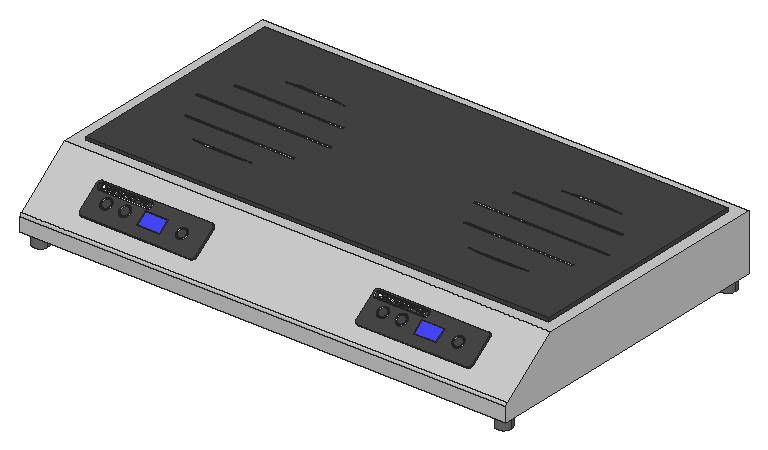
Revit family "QF_ADVENTYS_GL2_6000_S_250902075338", category Specialty Equipment, Revit 2021
Family settings
  Round Connector Dimension = Use Diameter
  Part Type = Normal
  OmniClass Number = 23.40.40.14
  OmniClass Title = Food Service Equipment
  Work Plane-Based = No
  Always vertical = Yes
  Cut with Voids When Loaded = No
  Shared = No
  Room Calculation Point = No
Parameters (values of type "ADV1551")
  Weight in Pounds [instance] = 0
  Weight = 10.00 kg
  Warranty Start Date [instance] = ""
  Warranty Duration [instance] = ""
  Volts [instance] = 240 V
  URL Recommended Spares List = ""
  URL Manufacturer = ""
  URL Cutsheet = ""
  URL Critical Spares List = ""
  URL = "www.adventys.com"
  Tag Number [instance] = ""
  Status [instance] = ""
  Specification by User [instance] = ""
  Specification by Manufacturer [instance] = ""
  Sound Level [instance] = ""
  Solid Fuel Type [instance] = ""
  Service Life Duration [instance] = ""
  Serial Number [instance] = ""
  Seismic Rating [instance] = ""
  SMACNA No [instance] = ""
  Revision Code [instance] = ""
  Revision [instance] = ""
  Production Year [instance] = ""
  Point Load [instance] = 0
  Phase [instance] = 1
  Other Equipment Approvals [instance] = ""
  Number of Poles [instance] = 2
  NAFEM Spec ID Number [instance] = ""
  Model Warning [instance] = ""
  Model = "GL2 6000 S"
  Min Ckt Ampacity [instance] = 0 A
  Max Overcurrent Protection [instance] = 32 A
  Masterspec [instance] = ""
  Manufacturer = "ADVENTYS"
  Length Actual = 650 mm
  Item Number [instance] = ""
  Installed By [instance] = ""
  Installation Date [instance] = ""
  Identify Quantity as Lot [instance] = no
  ID [instance] = ""
  Hygiene Approval [instance] = ""
  Hot Water Consumption = 0.0 L/s
  Height Actual = 96 mm
  HP power [instance] = ""
  Furnished By [instance] = ""
  Foodservice Equipment Identifier [instance] = no
  FL Amps [instance] = 25 A
  Electrical Remarks [instance] = "Plug not included"
  Electric power [instance] = 0 W
  Electric Connection Type [instance] = "Cord&Plug"
  Elec Conn RI Height [instance] = 0 mm
  Elec Conn Connection Height [instance] = 0 mm
  ETL Approved [instance] = no
  Description = "COUNTER-TOP 2 ZONES INDUCTION SIDE BY SIDE"
  Depth Actual = 405 mm
  Default Elevation = 0 mm
  Cycle [instance] = 60 Hz
  Cost = 0
  Conn Plug [instance] = ""
  Conn Conduit [instance] = no
  CSI MasterFormat [instance] = ""
  CE Approved [instance] = no
  Barcode [instance] = 0
  Author [instance] = ""
  Asset Identifier [instance] = ""
  Apparent Power [instance] = 6000 VA
  Accessory = no
Reference planes
  plane 1 "Center (Front/Back)": y = 0
  plane 2: z = 0
  plane 3 "Center (Left/Right)": x = 0
Forms (mm)
  Extrusion 1, solid, not visible
    sketch origin (325.016, -15.001, 16.001) x (1, 0, 0) y (0, 1, 0)
      loop
        line (-2, 2) -> (-2, -2) -> (2, -2) -> (2, 2) -> (-2, 2)
    from -2 to 2
Dimensions and locks
  locked: nested 2 to Extrusion 1 at 2  (x2)
  aligned and locked: level to plane 2
Nested families
  nested 1: "QF_ADVENTYS_ADV1619_2916" at (0, 0, 0), type "ADV1551"
    with Status "", Show Logo yes, Show Clearance yes
  nested 2: "CONN_POINT_ELE_2D___Generic_Annotation" at (325.016, -15.001, 14.001), type "CONN_POINT_ELE_2D___Generic_Annotation"
    with Onboard connection annotation symbol visibility yes
Connectors
  electrical at (325.016, -15.001, 14.001), driven by "Apparent Power", driven by "Number of Poles", driven by "Volts"
    settings: on Extrusion 1, index 1, voltage 240 V, apparent load 0 VA, apparent load phase1 6000 VA, apparent load phase2 0 VA, apparent load phase3 0 VA, power factor 1, load classification "Other", number of poles 2, system type 31, power factor state 1, is connector primary yes, connector utility no, sub classification motor no, connector description "Electrical connection for GL2 6000 S"
Definition of nested family "QF_ADVENTYS_ADV1619_2916"
  Parameters (values of type "ADV1551")
    URL = "www.adventys.com"
    Status [instance] = ""
    Show Logo [instance] = yes
    Show Clearance [instance] = yes
    Model = "GL2 6000 S"
    Manufacturer = "ADVENTYS"
    Description = "COUNTER-TOP 2 ZONES INDUCTION SIDE BY SIDE"
    Default Elevation = 0 mm
    Author = "SPECIFI"
    Assembly Code = "E1090320"
  Types (3, lengths in mm): name | Model | Description
    ADV1619 | "GL2 5000 S" | "COUNTERTOP INDUCTION 2 ZONES - SIDE BY SIDE"
    ADV1551 | "GL2 6000 S" | "COUNTER-TOP 2 ZONES INDUCTION SIDE BY SIDE"
    ADV1754 | "GL2 7000 S" | "COUNTER-TOP 2 ZONES INDUCTION SIDE BY SIDE"
  Reference planes
    plane 1 "Back": y = 0
    plane 2: z = 0
    plane 3 "Left": x = 0
    plane 4 "Right": x = 650
    plane 5 "Front": y = -405
    plane 6 "Top": z = 96
  Forms (mm)
    Extrusion 1, solid
      sketch origin (0, 0, -4.3) x (1, 0, 0) y (0, 1, 0)
        loop
          line (0, 0) -> (0, -330) -> (650, -330) -> (650, 0) -> (0, 0)
        loop
          line (15, -15) -> (15, -315) -> (635, -315) -> (635, -15) -> (15, -15)
      from 20 to 96
    Extrusion 2, solid
      sketch origin (0, -20, -4.3) x (0, 1, 0) y (0, 0, 1)
        loop
          line (-310, 20) -> (-310, 96) -> (-382.957, 42.498)
          arc (-382.957, 42.498) -> (-384.46, 40.726) -> (-385, 38.466) r 5
          line (-385, 38.466) -> (-385, 20) -> (-310, 20)
      from 0 to 650
    Extrusion 3, solid
      sketch origin (0, 0, -86.026) x (1, 0, 0) y (0, 1, 0)
        loop
          line (15, -15) -> (15, -315) -> (635, -315) -> (635, -15) -> (15, -15)
      from 101.726 to 110
    Extrusion 4, solid
      sketch origin (0, 0, 0) x (1, 0, 0) y (0, 1, 0)
        loop
          circle (15, -15) r 10
        loop
          circle (635, -15) r 10
        loop
          circle (635, -390) r 10
        loop
          circle (15, -390) r 10
      from 0 to 15.7
    Extrusion 5, solid
      sketch origin (-4.081, 0, -11.8) x (0, 1, 0) y (0, 0, 1)
        loop
          line (0, 97.125) -> (0, 91.484) -> (5.641, 91.484)
          arc (5.641, 91.484) -> (3.989, 95.473) -> (0, 97.125) r 5.641
        loop
          line (0, 79.125) -> (0, 73.484) -> (5.641, 73.484)
          arc (5.641, 73.484) -> (3.989, 77.473) -> (0, 79.125) r 5.641
        loop
          line (0, 61.125) -> (0, 55.484) -> (5.641, 55.484)
          arc (5.641, 55.484) -> (3.989, 59.473) -> (0, 61.125) r 5.641
        loop
          line (0, 43.125) -> (0, 37.484) -> (5.641, 37.484)
          arc (5.641, 37.484) -> (3.989, 41.473) -> (0, 43.125) r 5.641
      from 140.518 to 177.644
    Extrusion 6, solid
      sketch origin (53.045, 0, -11.8) x (0, 1, 0) y (0, 0, 1)
        loop
          line (0, 97.125) -> (0, 91.484) -> (5.641, 91.484)
          arc (5.641, 91.484) -> (3.989, 95.473) -> (0, 97.125) r 5.641
        loop
          line (0, 79.125) -> (0, 73.484) -> (5.641, 73.484)
          arc (5.641, 73.484) -> (3.989, 77.473) -> (0, 79.125) r 5.641
        loop
          line (0, 61.125) -> (0, 55.484) -> (5.641, 55.484)
          arc (5.641, 55.484) -> (3.989, 59.473) -> (0, 61.125) r 5.641
        loop
          line (0, 43.125) -> (0, 37.484) -> (5.641, 37.484)
          arc (5.641, 37.484) -> (3.989, 41.473) -> (0, 43.125) r 5.641
      from 140.518 to 177.644
    Extrusion 7, solid
      sketch origin (110.172, 0, -11.8) x (0, 1, 0) y (0, 0, 1)
        loop
          line (0, 97.125) -> (0, 91.484) -> (5.641, 91.484)
          arc (5.641, 91.484) -> (3.989, 95.473) -> (0, 97.125) r 5.641
        loop
          line (0, 79.125) -> (0, 73.484) -> (5.641, 73.484)
          arc (5.641, 73.484) -> (3.989, 77.473) -> (0, 79.125) r 5.641
        loop
          line (0, 61.125) -> (0, 55.484) -> (5.641, 55.484)
          arc (5.641, 55.484) -> (3.989, 59.473) -> (0, 61.125) r 5.641
        loop
          line (0, 43.125) -> (0, 37.484) -> (5.641, 37.484)
          arc (5.641, 37.484) -> (3.989, 41.473) -> (0, 43.125) r 5.641
      from 140.518 to 177.644
    Extrusion 8, solid
      sketch origin (256.955, 0, -11.8) x (0, 1, 0) y (0, 0, -1)
        loop
          arc (0, -97.125) -> (3.989, -95.473) -> (5.641, -91.484) r 5.641
          line (5.641, -91.484) -> (0, -91.484) -> (0, -97.125)
        loop
          arc (0, -79.125) -> (3.989, -77.473) -> (5.641, -73.484) r 5.641
          line (5.641, -73.484) -> (0, -73.484) -> (0, -79.125)
        loop
          arc (0, -61.125) -> (3.989, -59.473) -> (5.641, -55.484) r 5.641
          line (5.641, -55.484) -> (0, -55.484) -> (0, -61.125)
        loop
          arc (0, -43.125) -> (3.989, -41.473) -> (5.641, -37.484) r 5.641
          line (5.641, -37.484) -> (0, -37.484) -> (0, -43.125)
      from 140.518 to 177.644
    Extrusion 9, solid
      sketch origin (199.828, 0, -11.8) x (0, 1, 0) y (0, 0, -1)
        loop
          arc (0, -97.125) -> (3.989, -95.473) -> (5.641, -91.484) r 5.641
          line (5.641, -91.484) -> (0, -91.484) -> (0, -97.125)
        loop
          arc (0, -79.125) -> (3.989, -77.473) -> (5.641, -73.484) r 5.641
          line (5.641, -73.484) -> (0, -73.484) -> (0, -79.125)
        loop
          arc (0, -61.125) -> (3.989, -59.473) -> (5.641, -55.484) r 5.641
          line (5.641, -55.484) -> (0, -55.484) -> (0, -61.125)
        loop
          arc (0, -43.125) -> (3.989, -41.473) -> (5.641, -37.484) r 5.641
          line (5.641, -37.484) -> (0, -37.484) -> (0, -43.125)
      from 140.518 to 177.644
    Extrusion 10, solid
      sketch origin (594.081, 0, -11.8) x (0, 1, 0) y (0, 0, -1)
        loop
          arc (0, -97.125) -> (3.989, -95.473) -> (5.641, -91.484) r 5.641
          line (5.641, -91.484) -> (0, -91.484) -> (0, -97.125)
        loop
          arc (0, -79.125) -> (3.989, -77.473) -> (5.641, -73.484) r 5.641
          line (5.641, -73.484) -> (0, -73.484) -> (0, -79.125)
        loop
          arc (0, -61.125) -> (3.989, -59.473) -> (5.641, -55.484) r 5.641
          line (5.641, -55.484) -> (0, -55.484) -> (0, -61.125)
        loop
          arc (0, -43.125) -> (3.989, -41.473) -> (5.641, -37.484) r 5.641
          line (5.641, -37.484) -> (0, -37.484) -> (0, -43.125)
      from 140.518 to 177.644
    Extrusion 11, solid
      sketch origin (536.955, 0, -11.8) x (0, 1, 0) y (0, 0, -1)
        loop
          arc (0, -97.125) -> (3.989, -95.473) -> (5.641, -91.484) r 5.641
          line (5.641, -91.484) -> (0, -91.484) -> (0, -97.125)
        loop
          arc (0, -79.125) -> (3.989, -77.473) -> (5.641, -73.484) r 5.641
          line (5.641, -73.484) -> (0, -73.484) -> (0, -79.125)
        loop
          arc (0, -61.125) -> (3.989, -59.473) -> (5.641, -55.484) r 5.641
          line (5.641, -55.484) -> (0, -55.484) -> (0, -61.125)
        loop
          arc (0, -43.125) -> (3.989, -41.473) -> (5.641, -37.484) r 5.641
          line (5.641, -37.484) -> (0, -37.484) -> (0, -43.125)
      from 140.518 to 177.644
    Extrusion 12, solid
      sketch origin (479.828, 0, -11.8) x (0, 1, 0) y (0, 0, -1)
        loop
          arc (0, -97.125) -> (3.989, -95.473) -> (5.641, -91.484) r 5.641
          line (5.641, -91.484) -> (0, -91.484) -> (0, -97.125)
        loop
          arc (0, -79.125) -> (3.989, -77.473) -> (5.641, -73.484) r 5.641
          line (5.641, -73.484) -> (0, -73.484) -> (0, -79.125)
        loop
          arc (0, -61.125) -> (3.989, -59.473) -> (5.641, -55.484) r 5.641
          line (5.641, -55.484) -> (0, -55.484) -> (0, -61.125)
        loop
          arc (0, -43.125) -> (3.989, -41.473) -> (5.641, -37.484) r 5.641
          line (5.641, -37.484) -> (0, -37.484) -> (0, -43.125)
      from 140.518 to 177.644
    Extrusion 13, solid
      sketch origin (333.045, 0, -11.8) x (0, 1, 0) y (0, 0, 1)
        loop
          line (0, 97.125) -> (0, 91.484) -> (5.641, 91.484)
          arc (5.641, 91.484) -> (3.989, 95.473) -> (0, 97.125) r 5.641
        loop
          line (0, 79.125) -> (0, 73.484) -> (5.641, 73.484)
          arc (5.641, 73.484) -> (3.989, 77.473) -> (0, 79.125) r 5.641
        loop
          line (0, 61.125) -> (0, 55.484) -> (5.641, 55.484)
          arc (5.641, 55.484) -> (3.989, 59.473) -> (0, 61.125) r 5.641
        loop
          line (0, 43.125) -> (0, 37.484) -> (5.641, 37.484)
          arc (5.641, 37.484) -> (3.989, 41.473) -> (0, 43.125) r 5.641
      from 140.518 to 177.644
    Extrusion 14, solid
      sketch origin (390.172, 0, -11.8) x (0, 1, 0) y (0, 0, 1)
        loop
          line (0, 97.125) -> (0, 91.484) -> (5.641, 91.484)
          arc (5.641, 91.484) -> (3.989, 95.473) -> (0, 97.125) r 5.641
        loop
          line (0, 79.125) -> (0, 73.484) -> (5.641, 73.484)
          arc (5.641, 73.484) -> (3.989, 77.473) -> (0, 79.125) r 5.641
        loop
          line (0, 61.125) -> (0, 55.484) -> (5.641, 55.484)
          arc (5.641, 55.484) -> (3.989, 59.473) -> (0, 61.125) r 5.641
        loop
          line (0, 43.125) -> (0, 37.484) -> (5.641, 37.484)
          arc (5.641, 37.484) -> (3.989, 41.473) -> (0, 43.125) r 5.641
      from 140.518 to 177.644
    Extrusion 15, solid
      sketch origin (30, 0, -4.3) x (1, 0, 0) y (0, 1, 0)
        loop
          circle (295, -15) r 10
      from 18.177 to 20
    Extrusion 16, solid
      sketch origin (1268.043, 74.825, -43.3) x (0, -1, 0) y (1, 0, 0)
        loop
          line (89.825, -1253.043) -> (389.825, -1253.043) -> (389.825, -633.043) -> (89.825, -633.043) -> (89.825, -1253.043)
        loop
          line (206.4, -1053.958) -> (206.352, -1198.979) -> (208.634, -1198.98) -> (208.681, -1053.958) -> (206.4, -1053.958)
        loop
          arc (165.457, -1126.248) -> (165.953, -1144.337) -> (168.593, -1162.238) r 152.09
          line (168.593, -1162.238) -> (168.62, -1082.288)
          arc (168.62, -1082.288) -> (165.637, -1104.167) -> (165.457, -1126.248) r 173.592
        loop
          line (246.38, -1038.267) -> (246.321, -1217.804) -> (248.603, -1217.805) -> (248.661, -1038.268) -> (246.38, -1038.267)
        loop
          line (288.654, -1199.006) -> (290.935, -1199.007) -> (290.983, -1053.985) -> (288.701, -1053.985) -> (288.654, -1199.006)
        loop
          line (324.196, -1082.339) -> (324.169, -1162.289)
          arc (324.169, -1162.289) -> (327.152, -1140.41) -> (327.332, -1118.329) r 173.592
          arc (327.332, -1118.329) -> (326.836, -1100.24) -> (324.196, -1082.339) r 152.09
        loop
          line (286.314, -683.932) -> (284.032, -683.935) -> (284.22, -828.956) -> (286.501, -828.953) -> (286.314, -683.932)
        loop
          arc (327.327, -756.183) -> (327.125, -734.102) -> (324.121, -712.226) r 173.592
          line (324.121, -712.226) -> (324.225, -792.176)
          arc (324.225, -792.176) -> (326.848, -774.272) -> (327.327, -756.183) r 152.09
        loop
          line (246.318, -668.28) -> (244.037, -668.283) -> (244.269, -847.82) -> (246.551, -847.817) -> (246.318, -668.28)
        loop
          line (204.2, -829.06) -> (204.012, -684.038) -> (201.731, -684.041) -> (201.918, -829.063) -> (204.2, -829.06)
        loop
          arc (168.546, -712.427) -> (165.922, -730.331) -> (165.444, -748.42) r 152.09
          arc (165.444, -748.42) -> (165.646, -770.501) -> (168.649, -792.377) r 173.592
          line (168.649, -792.377) -> (168.546, -712.427)
      from 135 to 139.3
    Extrusion 17, solid
      sketch origin (1248.05, 16.753, -43.3) x (0, -1, 0) y (1, 0, 0)
        loop
          arc (110.568, -1062.271) -> (107.579, -1084.15) -> (107.391, -1106.23) r 173.592
          arc (107.391, -1106.23) -> (107.881, -1124.319) -> (110.516, -1142.221) r 152.09
          line (110.516, -1142.221) -> (110.568, -1062.271)
        loop
          line (150.639, -1033.955) -> (148.357, -1033.953) -> (148.263, -1178.974) -> (150.544, -1178.976) -> (150.639, -1033.955)
        loop
          line (188.343, -1018.276) -> (188.226, -1197.812) -> (190.507, -1197.814) -> (190.624, -1018.277) -> (188.343, -1018.276)
        loop
          line (232.846, -1179.03) -> (232.94, -1034.008) -> (230.659, -1034.007) -> (230.564, -1179.028) -> (232.846, -1179.03)
        loop
          line (266.144, -1062.373) -> (266.092, -1142.323)
          arc (266.092, -1142.323) -> (269.081, -1120.444) -> (269.269, -1098.363) r 173.592
          arc (269.269, -1098.363) -> (268.779, -1080.275) -> (266.144, -1062.373) r 152.09
      from 135 to 139.3
    Extrusion 18, solid
      sketch origin (321.667, -1279.616, -43.3) x (1, 0, 0) y (0, 1, 0)
        loop
          line (234.048, 1030.256) -> (154.098, 1030.256)
          arc (154.098, 1030.256) -> (171.999, 1027.609) -> (190.087, 1027.107) r 152.09
          arc (190.087, 1027.107) -> (212.168, 1027.281) -> (234.048, 1030.256) r 173.592
        loop
          line (262.391, 1070.308) -> (117.37, 1070.308) -> (117.37, 1068.027) -> (262.391, 1068.027) -> (262.391, 1070.308)
        loop
          line (278.094, 1108.002) -> (278.094, 1110.284) -> (98.558, 1110.284) -> (98.558, 1108.002) -> (278.094, 1108.002)
        loop
          line (117.37, 1152.61) -> (117.37, 1150.329) -> (262.391, 1150.329) -> (262.391, 1152.61) -> (117.37, 1152.61)
        loop
          arc (234.048, 1185.832) -> (216.148, 1188.479) -> (198.06, 1188.981) r 152.09
          arc (198.06, 1188.981) -> (175.979, 1188.807) -> (154.098, 1185.832) r 173.592
          line (154.098, 1185.832) -> (234.048, 1185.832)
      from 135 to 139.3
    Extrusion 19, solid
      sketch origin (447.298, 0, -11.8) x (0, 1, 0) y (0, 0, 1)
        loop
          line (0, 97.125) -> (0, 91.484) -> (5.641, 91.484)
          arc (5.641, 91.484) -> (3.989, 95.473) -> (0, 97.125) r 5.641
        loop
          line (0, 79.125) -> (0, 73.484) -> (5.641, 73.484)
          arc (5.641, 73.484) -> (3.989, 77.473) -> (0, 79.125) r 5.641
        loop
          line (0, 61.125) -> (0, 55.484) -> (5.641, 55.484)
          arc (5.641, 55.484) -> (3.989, 59.473) -> (0, 61.125) r 5.641
        loop
          line (0, 43.125) -> (0, 37.484) -> (5.641, 37.484)
          arc (5.641, 37.484) -> (3.989, 41.473) -> (0, 43.125) r 5.641
      from 140.518 to 177.644
    Extrusion 20, solid
      sketch origin (-29.26, -5.694, 152.194) x (1, 0, 0) y (0, 0.806405, 0.591364)
        loop
          arc (97.5, -323.032) -> (93.964, -324.496) -> (92.5, -328.032) r 5
          line (92.5, -328.032) -> (92.5, -363.032)
          arc (92.5, -363.032) -> (93.964, -366.568) -> (97.5, -368.032) r 5
          line (97.5, -368.032) -> (242.5, -368.032)
          arc (242.5, -368.032) -> (246.036, -366.568) -> (247.5, -363.032) r 5
          line (247.5, -363.032) -> (247.5, -328.032)
          arc (247.5, -328.032) -> (246.036, -324.496) -> (242.5, -323.032) r 5
          line (242.5, -323.032) -> (97.5, -323.032)
        loop
          circle (116.385, -345.532) r 6
        loop
          circle (116.385, -345.532) r 7
        loop
          circle (141.385, -345.532) r 7
        loop
          circle (141.385, -345.532) r 6
        loop
          circle (217.385, -345.532) r 6
        loop
          circle (217.385, -345.532) r 7
        loop
          line (193.667, -337.336) -> (163.667, -337.336) -> (163.667, -354.836) -> (193.667, -354.836) -> (193.667, -337.336)
      from 143 to 145
    Extrusion 21, solid
      sketch origin (-4.26, -5.694, 152.194) x (1, 0, 0) y (0, 0.806405, 0.591364)
        loop
          circle (91.385, -345.532) r 6
        loop
          circle (116.385, -345.532) r 6
        loop
          circle (192.385, -345.532) r 6
        loop
          circle (91.385, -345.532) r 7
        loop
          circle (116.385, -345.532) r 7
        loop
          circle (192.385, -345.532) r 7
      from 143 to 145
    Extrusion 22, solid
      sketch origin (42.012, -5.694, 152.194) x (1, 0, 0) y (0, 0.806405, 0.591364)
        loop
          line (92.395, -337.336) -> (92.395, -354.836) -> (122.395, -354.836) -> (122.395, -337.336) -> (92.395, -337.336)
      from 143 to 145
    Extrusion 23, solid, visible <- "Show Logo"
      sketch origin (-17.489, 89.077, 182.296) x (1, 0, 0) y (0, 0.806405, 0.591364)
        loop
          arc (88.7, -421.254) -> (88.222, -421.452) -> (88.024, -421.93) r 0.676
          line (88.024, -421.93) -> (88.024, -423.602)
          arc (88.024, -423.602) -> (88.232, -424.091) -> (88.729, -424.278) r 0.676
          line (88.729, -424.278) -> (88.729, -423.012)
          arc (88.729, -423.012) -> (89.079, -422.316) -> (89.806, -422.035) r 1.082
          line (89.806, -422.035) -> (92.693, -422.035)
          arc (92.693, -422.035) -> (92.539, -421.491) -> (92.025, -421.254) r 0.676
          line (92.025, -421.254) -> (88.7, -421.254)
        loop
          arc (88.7, -420.848) -> (87.935, -421.165) -> (87.618, -421.93) r 1.082
          line (87.618, -421.93) -> (87.618, -423.602)
          arc (87.618, -423.602) -> (87.945, -424.378) -> (88.729, -424.684) r 1.082
          arc (88.729, -424.684) -> (89.006, -425.518) -> (89.811, -425.871) r 1.082
          arc (89.811, -425.871) -> (90.124, -426.642) -> (90.893, -426.963) r 1.082
          line (90.893, -426.963) -> (93.953, -426.963)
          arc (93.953, -426.963) -> (94.718, -426.646) -> (95.035, -425.881) r 1.082
          line (95.035, -425.881) -> (95.035, -424.315)
          arc (95.035, -424.315) -> (94.714, -423.546) -> (93.942, -423.233) r 1.082
          arc (93.942, -423.233) -> (93.745, -422.485) -> (93.099, -422.06) r 1.082
          arc (93.099, -422.06) -> (92.835, -421.213) -> (92.025, -420.848) r 1.082
          line (92.025, -420.848) -> (88.7, -420.848)
        loop
          arc (93.953, -426.557) -> (94.431, -426.359) -> (94.629, -425.881) r 0.676
          line (94.629, -425.881) -> (94.629, -424.315)
          arc (94.629, -424.315) -> (94.43, -423.835) -> (93.948, -423.638) r 0.676
          line (93.948, -423.638) -> (93.948, -424.789)
          arc (93.948, -424.789) -> (93.631, -425.554) -> (92.866, -425.871) r 1.082
          line (92.866, -425.871) -> (90.216, -425.871)
          arc (90.216, -425.871) -> (90.411, -426.355) -> (90.893, -426.557) r 0.676
          line (90.893, -426.557) -> (93.953, -426.557)
        loop
          arc (95.821, -425.184) -> (95.863, -425.723) -> (96.404, -425.709) r 0.393
          line (96.404, -425.709) -> (97.15, -424.963) -> (100.112, -424.963) -> (100.858, -425.709)
          arc (100.858, -425.709) -> (101.399, -425.723) -> (101.441, -425.184) r 0.393
          line (101.441, -425.184) -> (98.631, -421.714) -> (95.821, -425.184)
        loop
          line (98.631, -423.109) -> (97.68, -424.283) -> (99.582, -424.283) -> (98.631, -423.109)
        loop
          line (102.743, -421.78) -> (102.743, -425.773) -> (106.505, -425.773)
          arc (106.505, -425.773) -> (108.501, -423.776) -> (106.505, -421.78) r 1.997
          line (106.505, -421.78) -> (102.743, -421.78)
        loop
          line (106.505, -422.83) -> (103.793, -422.83) -> (103.793, -424.722) -> (106.505, -424.722)
          arc (106.505, -424.722) -> (107.451, -423.776) -> (106.505, -422.83) r 0.946
        loop
          arc (110.437, -422.011) -> (109.896, -421.997) -> (109.854, -422.536) r 0.393
          line (109.854, -422.536) -> (112.664, -426.006) -> (115.474, -422.536)
          arc (115.474, -422.536) -> (115.432, -421.997) -> (114.891, -422.011) r 0.393
          line (114.891, -422.011) -> (112.664, -424.762) -> (110.437, -422.011)
        loop
          line (122.122, -421.733) -> (116.807, -421.733) -> (116.807, -425.773) -> (122.122, -425.773)
          arc (122.122, -425.773) -> (122.533, -425.362) -> (122.122, -424.952) r 0.41
          line (122.122, -424.952) -> (117.728, -424.952) -> (117.728, -424.143) -> (122.122, -424.143)
          arc (122.122, -424.143) -> (122.494, -423.772) -> (122.122, -423.401) r 0.371
          line (122.122, -423.401) -> (117.728, -423.401) -> (117.728, -422.553) -> (122.122, -422.553)
          arc (122.122, -422.553) -> (122.533, -422.143) -> (122.122, -421.733) r 0.41
        loop
          line (123.768, -422.295) -> (123.768, -425.304)
          arc (123.768, -425.304) -> (124.205, -425.74) -> (124.641, -425.304) r 0.437
          line (124.641, -425.304) -> (124.641, -423.104) -> (128.532, -425.535)
          arc (128.532, -425.535) -> (129.163, -425.551) -> (129.483, -425.008) r 0.622
          line (129.483, -425.008) -> (129.483, -422.216)
          arc (129.483, -422.216) -> (129.023, -421.756) -> (128.563, -422.216) r 0.46
          line (128.563, -422.216) -> (128.563, -424.346) -> (124.57, -421.851)
          arc (124.57, -421.851) -> (124.038, -421.837) -> (123.768, -422.295) r 0.524
        loop
          arc (131.328, -421.811) -> (130.822, -422.316) -> (131.328, -422.822) r 0.506
          line (131.328, -422.822) -> (133.16, -422.822) -> (133.16, -425.108)
          arc (133.16, -425.108) -> (133.647, -425.594) -> (134.133, -425.108) r 0.486
          line (134.133, -425.108) -> (134.133, -422.822) -> (135.879, -422.822)
          arc (135.879, -422.822) -> (136.384, -422.316) -> (135.879, -421.811) r 0.506
          line (135.879, -421.811) -> (131.328, -421.811)
        loop
          line (140.723, -423.158) -> (138.718, -421.806)
          arc (138.718, -421.806) -> (138.039, -421.938) -> (138.171, -422.617) r 0.489
          line (138.171, -422.617) -> (140.176, -423.97) -> (140.176, -425.134)
          arc (140.176, -425.134) -> (140.723, -425.682) -> (141.27, -425.134) r 0.547
          line (141.27, -425.134) -> (141.27, -423.97) -> (143.275, -422.617)
          arc (143.275, -422.617) -> (143.407, -421.938) -> (142.728, -421.806) r 0.489
          line (142.728, -421.806) -> (140.723, -423.158)
        loop
          line (149.966, -421.811) -> (146.176, -421.811)
          arc (146.176, -421.811) -> (145.017, -422.97) -> (146.176, -424.129) r 1.159
          line (146.176, -424.129) -> (149.302, -424.129)
          arc (149.302, -424.129) -> (149.724, -424.551) -> (149.302, -424.973) r 0.422
          line (149.302, -424.973) -> (145.494, -424.973)
          arc (145.494, -424.973) -> (145.145, -425.323) -> (145.494, -425.672) r 0.349
          line (145.494, -425.672) -> (149.676, -425.672)
          arc (149.676, -425.672) -> (150.47, -424.404) -> (149.336, -423.429) r 1.147
          line (149.336, -423.429) -> (146.116, -423.429)
          arc (146.116, -423.429) -> (145.656, -422.969) -> (146.116, -422.509) r 0.46
          line (146.116, -422.509) -> (149.966, -422.509)
          arc (149.966, -422.509) -> (150.315, -422.16) -> (149.966, -421.811) r 0.349
        loop
          arc (87.536, -420.077) -> (83.683, -423.931) -> (87.536, -427.784) r 3.853
          line (87.536, -427.784) -> (151.604, -427.784)
          arc (151.604, -427.784) -> (155.457, -423.931) -> (151.604, -420.077) r 3.853
          line (151.604, -420.077) -> (87.536, -420.077)
        loop
          arc (87.536, -419.677) -> (83.283, -423.931) -> (87.536, -428.184) r 4.253
          line (87.536, -428.184) -> (151.604, -428.184)
          arc (151.604, -428.184) -> (155.857, -423.931) -> (151.604, -419.677) r 4.253
          line (151.604, -419.677) -> (87.536, -419.677)
      from 176.77 to 176.97
    Extrusion 24, solid
      sketch origin (340.74, -5.694, 152.194) x (1, 0, 0) y (0, 0.806405, 0.591364)
        loop
          arc (97.5, -323.032) -> (93.964, -324.496) -> (92.5, -328.032) r 5
          line (92.5, -328.032) -> (92.5, -363.032)
          arc (92.5, -363.032) -> (93.964, -366.568) -> (97.5, -368.032) r 5
          line (97.5, -368.032) -> (242.5, -368.032)
          arc (242.5, -368.032) -> (246.036, -366.568) -> (247.5, -363.032) r 5
          line (247.5, -363.032) -> (247.5, -328.032)
          arc (247.5, -328.032) -> (246.036, -324.496) -> (242.5, -323.032) r 5
          line (242.5, -323.032) -> (97.5, -323.032)
        loop
          circle (116.385, -345.532) r 6
        loop
          circle (116.385, -345.532) r 7
        loop
          circle (141.385, -345.532) r 7
        loop
          circle (141.385, -345.532) r 6
        loop
          circle (217.385, -345.532) r 6
        loop
          circle (217.385, -345.532) r 7
        loop
          line (193.667, -337.336) -> (163.667, -337.336) -> (163.667, -354.836) -> (193.667, -354.836) -> (193.667, -337.336)
      from 143 to 145
    Extrusion 25, solid
      sketch origin (365.74, -5.694, 152.194) x (1, 0, 0) y (0, 0.806405, 0.591364)
        loop
          circle (91.385, -345.532) r 6
        loop
          circle (116.385, -345.532) r 6
        loop
          circle (192.385, -345.532) r 6
        loop
          circle (91.385, -345.532) r 7
        loop
          circle (116.385, -345.532) r 7
        loop
          circle (192.385, -345.532) r 7
      from 143 to 145
    Extrusion 26, solid
      sketch origin (412.012, -5.694, 152.194) x (1, 0, 0) y (0, 0.806405, 0.591364)
        loop
          line (92.395, -337.336) -> (92.395, -354.836) -> (122.395, -354.836) -> (122.395, -337.336) -> (92.395, -337.336)
      from 143 to 145
    Extrusion 27, solid, visible <- "Show Logo"
      sketch origin (352.511, 89.077, 182.296) x (1, 0, 0) y (0, 0.806405, 0.591364)
        loop
          arc (88.7, -421.254) -> (88.222, -421.452) -> (88.024, -421.93) r 0.676
          line (88.024, -421.93) -> (88.024, -423.602)
          arc (88.024, -423.602) -> (88.232, -424.091) -> (88.729, -424.278) r 0.676
          line (88.729, -424.278) -> (88.729, -423.012)
          arc (88.729, -423.012) -> (89.079, -422.316) -> (89.806, -422.035) r 1.082
          line (89.806, -422.035) -> (92.693, -422.035)
          arc (92.693, -422.035) -> (92.539, -421.491) -> (92.025, -421.254) r 0.676
          line (92.025, -421.254) -> (88.7, -421.254)
        loop
          arc (88.7, -420.848) -> (87.935, -421.165) -> (87.618, -421.93) r 1.082
          line (87.618, -421.93) -> (87.618, -423.602)
          arc (87.618, -423.602) -> (87.945, -424.378) -> (88.729, -424.684) r 1.082
          arc (88.729, -424.684) -> (89.006, -425.518) -> (89.811, -425.871) r 1.082
          arc (89.811, -425.871) -> (90.124, -426.642) -> (90.893, -426.963) r 1.082
          line (90.893, -426.963) -> (93.953, -426.963)
          arc (93.953, -426.963) -> (94.718, -426.646) -> (95.035, -425.881) r 1.082
          line (95.035, -425.881) -> (95.035, -424.315)
          arc (95.035, -424.315) -> (94.714, -423.546) -> (93.942, -423.233) r 1.082
          arc (93.942, -423.233) -> (93.745, -422.485) -> (93.099, -422.06) r 1.082
          arc (93.099, -422.06) -> (92.835, -421.213) -> (92.025, -420.848) r 1.082
          line (92.025, -420.848) -> (88.7, -420.848)
        loop
          arc (93.953, -426.557) -> (94.431, -426.359) -> (94.629, -425.881) r 0.676
          line (94.629, -425.881) -> (94.629, -424.315)
          arc (94.629, -424.315) -> (94.43, -423.835) -> (93.948, -423.638) r 0.676
          line (93.948, -423.638) -> (93.948, -424.789)
          arc (93.948, -424.789) -> (93.631, -425.554) -> (92.866, -425.871) r 1.082
          line (92.866, -425.871) -> (90.216, -425.871)
          arc (90.216, -425.871) -> (90.411, -426.355) -> (90.893, -426.557) r 0.676
          line (90.893, -426.557) -> (93.953, -426.557)
        loop
          arc (95.821, -425.184) -> (95.863, -425.723) -> (96.404, -425.709) r 0.393
          line (96.404, -425.709) -> (97.15, -424.963) -> (100.112, -424.963) -> (100.858, -425.709)
          arc (100.858, -425.709) -> (101.399, -425.723) -> (101.441, -425.184) r 0.393
          line (101.441, -425.184) -> (98.631, -421.714) -> (95.821, -425.184)
        loop
          line (98.631, -423.109) -> (97.68, -424.283) -> (99.582, -424.283) -> (98.631, -423.109)
        loop
          line (102.743, -421.78) -> (102.743, -425.773) -> (106.505, -425.773)
          arc (106.505, -425.773) -> (108.501, -423.776) -> (106.505, -421.78) r 1.997
          line (106.505, -421.78) -> (102.743, -421.78)
        loop
          line (106.505, -422.83) -> (103.793, -422.83) -> (103.793, -424.722) -> (106.505, -424.722)
          arc (106.505, -424.722) -> (107.451, -423.776) -> (106.505, -422.83) r 0.946
        loop
          arc (110.437, -422.011) -> (109.896, -421.997) -> (109.854, -422.536) r 0.393
          line (109.854, -422.536) -> (112.664, -426.006) -> (115.474, -422.536)
          arc (115.474, -422.536) -> (115.432, -421.997) -> (114.891, -422.011) r 0.393
          line (114.891, -422.011) -> (112.664, -424.762) -> (110.437, -422.011)
        loop
          line (122.122, -421.733) -> (116.807, -421.733) -> (116.807, -425.773) -> (122.122, -425.773)
          arc (122.122, -425.773) -> (122.533, -425.362) -> (122.122, -424.952) r 0.41
          line (122.122, -424.952) -> (117.728, -424.952) -> (117.728, -424.143) -> (122.122, -424.143)
          arc (122.122, -424.143) -> (122.494, -423.772) -> (122.122, -423.401) r 0.371
          line (122.122, -423.401) -> (117.728, -423.401) -> (117.728, -422.553) -> (122.122, -422.553)
          arc (122.122, -422.553) -> (122.533, -422.143) -> (122.122, -421.733) r 0.41
        loop
          line (123.768, -422.295) -> (123.768, -425.304)
          arc (123.768, -425.304) -> (124.205, -425.74) -> (124.641, -425.304) r 0.437
          line (124.641, -425.304) -> (124.641, -423.104) -> (128.532, -425.535)
          arc (128.532, -425.535) -> (129.163, -425.551) -> (129.483, -425.008) r 0.622
          line (129.483, -425.008) -> (129.483, -422.216)
          arc (129.483, -422.216) -> (129.023, -421.756) -> (128.563, -422.216) r 0.46
          line (128.563, -422.216) -> (128.563, -424.346) -> (124.57, -421.851)
          arc (124.57, -421.851) -> (124.038, -421.837) -> (123.768, -422.295) r 0.524
        loop
          arc (131.328, -421.811) -> (130.822, -422.316) -> (131.328, -422.822) r 0.506
          line (131.328, -422.822) -> (133.16, -422.822) -> (133.16, -425.108)
          arc (133.16, -425.108) -> (133.647, -425.594) -> (134.133, -425.108) r 0.486
          line (134.133, -425.108) -> (134.133, -422.822) -> (135.879, -422.822)
          arc (135.879, -422.822) -> (136.384, -422.316) -> (135.879, -421.811) r 0.506
          line (135.879, -421.811) -> (131.328, -421.811)
        loop
          line (140.723, -423.158) -> (138.718, -421.806)
          arc (138.718, -421.806) -> (138.039, -421.938) -> (138.171, -422.617) r 0.489
          line (138.171, -422.617) -> (140.176, -423.97) -> (140.176, -425.134)
          arc (140.176, -425.134) -> (140.723, -425.682) -> (141.27, -425.134) r 0.547
          line (141.27, -425.134) -> (141.27, -423.97) -> (143.275, -422.617)
          arc (143.275, -422.617) -> (143.407, -421.938) -> (142.728, -421.806) r 0.489
          line (142.728, -421.806) -> (140.723, -423.158)
        loop
          line (149.966, -421.811) -> (146.176, -421.811)
          arc (146.176, -421.811) -> (145.017, -422.97) -> (146.176, -424.129) r 1.159
          line (146.176, -424.129) -> (149.302, -424.129)
          arc (149.302, -424.129) -> (149.724, -424.551) -> (149.302, -424.973) r 0.422
          line (149.302, -424.973) -> (145.494, -424.973)
          arc (145.494, -424.973) -> (145.145, -425.323) -> (145.494, -425.672) r 0.349
          line (145.494, -425.672) -> (149.676, -425.672)
          arc (149.676, -425.672) -> (150.47, -424.404) -> (149.336, -423.429) r 1.147
          line (149.336, -423.429) -> (146.116, -423.429)
          arc (146.116, -423.429) -> (145.656, -422.969) -> (146.116, -422.509) r 0.46
          line (146.116, -422.509) -> (149.966, -422.509)
          arc (149.966, -422.509) -> (150.315, -422.16) -> (149.966, -421.811) r 0.349
        loop
          arc (87.536, -420.077) -> (83.683, -423.931) -> (87.536, -427.784) r 3.853
          line (87.536, -427.784) -> (151.604, -427.784)
          arc (151.604, -427.784) -> (155.457, -423.931) -> (151.604, -420.077) r 3.853
          line (151.604, -420.077) -> (87.536, -420.077)
        loop
          arc (87.536, -419.677) -> (83.283, -423.931) -> (87.536, -428.184) r 4.253
          line (87.536, -428.184) -> (151.604, -428.184)
          arc (151.604, -428.184) -> (155.857, -423.931) -> (151.604, -419.677) r 4.253
          line (151.604, -419.677) -> (87.536, -419.677)
      from 176.77 to 176.97
  Cuts and joins
    joined: Extrusion 1, Extrusion 2
  Lines and regions (mm)
    symbolic lines
      curve 1: line (310, 0, 0) -> (0, 0, 0)
      curve 2: line (0, 0, 0) -> (0, -405, 0)
      curve 3: line (310, -330, 0) -> (0, -330, 0)
      curve 4: line (15, -15, 0) -> (15, -315, 0)
      curve 5: line (635, -15, 0) -> (15, -15, 0)
      curve 6: line (15, -315, 0) -> (635, -315, 0)
      curve 7: line (650, 0, 0) -> (280, 0, 0)
      curve 8: line (650, -405, 0) -> (650, 0, 0)
      curve 9: line (0, -405, 0) -> (650, -405, 0)
      curve 10: line (650, -330, 0) -> (280, -330, 0)
      curve 11: line (635, -315, 0) -> (635, -15, 0)
      curve 12: line (185.729, -249.361, 0) -> (105.779, -249.361, 0)
      curve 13: arc (105.779, -249.361, 0) -> (127.66, -252.336, 0) -> (149.741, -252.51, 0) r 173.592
      curve 14: arc (149.741, -252.51, 0) -> (167.829, -252.008, 0) -> (185.729, -249.361, 0) r 152.09
      curve 15: line (69.051, -216.139, 0) -> (214.072, -216.139, 0)
      curve 16: line (214.072, -213.858, 0) -> (69.051, -213.858, 0)
      curve 17: line (214.072, -216.139, 0) -> (214.072, -213.858, 0)
      curve 18: line (69.051, -213.858, 0) -> (69.051, -216.139, 0)
      curve 19: line (229.775, -171.531, 0) -> (50.239, -171.531, 0)
      curve 20: line (50.239, -171.531, 0) -> (50.239, -173.813, 0)
      curve 21: line (229.775, -173.813, 0) -> (229.775, -171.531, 0)
      curve 22: line (50.239, -173.813, 0) -> (229.775, -173.813, 0)
      curve 23: line (69.051, -133.838, 0) -> (214.072, -133.838, 0)
      curve 24: line (214.072, -133.838, 0) -> (214.072, -131.556, 0)
      curve 25: line (214.072, -131.556, 0) -> (69.051, -131.556, 0)
      curve 26: line (69.051, -131.556, 0) -> (69.051, -133.838, 0)
      curve 27: line (105.779, -93.785, 0) -> (185.729, -93.785, 0)
      curve 28: arc (141.768, -90.637, 0) -> (123.68, -91.139, 0) -> (105.779, -93.785, 0) r 152.09
      curve 29: arc (185.729, -93.785, 0) -> (163.849, -90.81, 0) -> (141.768, -90.637, 0) r 173.592
      curve 30: line (555.715, -93.785, 0) -> (475.765, -93.785, 0)
      curve 31: arc (475.765, -93.785, 0) -> (497.645, -90.81, 0) -> (519.727, -90.637, 0) r 173.592
      curve 32: arc (519.727, -90.637, 0) -> (537.815, -91.139, 0) -> (555.715, -93.785, 0) r 152.09
      curve 33: line (439.037, -127.007, 0) -> (584.058, -127.007, 0)
      curve 34: line (584.058, -129.289, 0) -> (439.037, -129.289, 0)
      curve 35: line (584.058, -127.007, 0) -> (584.058, -129.289, 0)
      curve 36: line (439.037, -129.289, 0) -> (439.037, -127.007, 0)
      curve 37: line (599.761, -171.615, 0) -> (420.225, -171.615, 0)
      curve 38: line (420.225, -171.615, 0) -> (420.225, -169.334, 0)
      curve 39: line (599.761, -169.334, 0) -> (599.761, -171.615, 0)
      curve 40: line (420.225, -169.334, 0) -> (599.761, -169.334, 0)
      curve 41: line (439.037, -209.309, 0) -> (584.058, -209.309, 0)
      curve 42: line (584.058, -209.309, 0) -> (584.058, -211.59, 0)
      curve 43: line (584.058, -211.59, 0) -> (439.037, -211.59, 0)
      curve 44: line (439.037, -211.59, 0) -> (439.037, -209.309, 0)
      curve 45: line (475.765, -249.361, 0) -> (555.715, -249.361, 0)
      curve 46: arc (511.754, -252.51, 0) -> (493.666, -252.008, 0) -> (475.765, -249.361, 0) r 152.09
      curve 47: arc (555.715, -249.361, 0) -> (533.835, -252.336, 0) -> (511.754, -252.51, 0) r 173.592
      curve 48: spline (218.24, -355.968, 0) -> (218.197, -355.442, 0) -> (218.07, -354.925, 0) -> (217.86, -354.425, 0) -> (217.57, -353.952, 0) -> (217.207, -353.514, 0) -> (216.776, -353.117, 0) -> (216.284, -352.769, 0) -> (215.74, -352.476, 0) -> (215.154, -352.243, 0) -> (214.534, -352.074, 0) -> (213.893, -351.971, 0) -> (213.24, -351.936, 0)
      curve 49: line (213.24, -351.936, 0) -> (68.24, -351.936, 0)
      curve 50: line (218.24, -384.192, 0) -> (218.24, -355.968, 0)
      curve 51: spline (213.24, -388.224, 0) -> (213.893, -388.19, 0) -> (214.534, -388.087, 0) -> (215.154, -387.918, 0) -> (215.74, -387.684, 0) -> (216.284, -387.391, 0) -> (216.776, -387.044, 0) -> (217.207, -386.647, 0) -> (217.57, -386.208, 0) -> (217.86, -385.735, 0) -> (218.07, -385.236, 0) -> (218.197, -384.719, 0) -> (218.24, -384.192, 0)
      curve 52: line (68.24, -388.224, 0) -> (213.24, -388.224, 0)
      curve 53: spline (63.24, -384.192, 0) -> (63.283, -384.719, 0) -> (63.411, -385.236, 0) -> (63.621, -385.735, 0) -> (63.91, -386.208, 0) -> (64.273, -386.647, 0) -> (64.705, -387.044, 0) -> (65.196, -387.391, 0) -> (65.74, -387.684, 0) -> (66.327, -387.918, 0) -> (66.946, -388.087, 0) -> (67.588, -388.19, 0) -> (68.24, -388.224, 0)
      curve 54: line (63.24, -355.968, 0) -> (63.24, -384.192, 0)
      curve 55: spline (68.24, -351.936, 0) -> (67.588, -351.971, 0) -> (66.946, -352.074, 0) -> (66.327, -352.243, 0) -> (65.74, -352.476, 0) -> (65.196, -352.769, 0) -> (64.705, -353.117, 0) -> (64.273, -353.514, 0) -> (63.91, -353.952, 0) -> (63.621, -354.425, 0) -> (63.411, -354.925, 0) -> (63.283, -355.442, 0) -> (63.24, -355.968, 0)
      curve 56: spline (195.125, -370.08, 0) -> (194.886, -368.619, 0) -> (194.187, -367.258, 0) -> (193.075, -366.089, 0) -> (191.625, -365.192, 0) -> (189.937, -364.628, 0) -> (188.125, -364.436, 0) -> (186.313, -364.628, 0) -> (184.625, -365.192, 0) -> (183.175, -366.089, 0) -> (182.063, -367.258, 0) -> (181.363, -368.619, 0) -> (181.125, -370.08, 0)
      curve 57: spline (182.125, -370.08, 0) -> (182.329, -368.828, 0) -> (182.929, -367.661, 0) -> (183.882, -366.659, 0) -> (185.125, -365.89, 0) -> (186.572, -365.407, 0) -> (188.125, -365.242, 0) -> (189.678, -365.407, 0) -> (191.125, -365.89, 0) -> (192.367, -366.659, 0) -> (193.321, -367.661, 0) -> (193.92, -368.828, 0) -> (194.125, -370.08, 0)
      curve 58: spline (194.125, -370.08, 0) -> (193.92, -371.333, 0) -> (193.321, -372.5, 0) -> (192.367, -373.502, 0) -> (191.125, -374.271, 0) -> (189.678, -374.754, 0) -> (188.125, -374.919, 0) -> (186.572, -374.754, 0) -> (185.125, -374.271, 0) -> (183.882, -373.502, 0) -> (182.929, -372.5, 0) -> (182.329, -371.333, 0) -> (182.125, -370.08, 0)
      curve 59: spline (181.125, -370.08, 0) -> (181.363, -371.541, 0) -> (182.063, -372.903, 0) -> (183.175, -374.072, 0) -> (184.625, -374.969, 0) -> (186.313, -375.533, 0) -> (188.125, -375.725, 0) -> (189.937, -375.533, 0) -> (191.625, -374.969, 0) -> (193.075, -374.072, 0) -> (194.187, -372.903, 0) -> (194.886, -371.541, 0) -> (195.125, -370.08, 0)
      curve 60: line (164.407, -363.471, 0) -> (134.407, -363.471, 0)
      curve 61: line (134.407, -363.471, 0) -> (134.407, -377.583, 0)
      curve 62: line (134.407, -377.583, 0) -> (164.407, -377.583, 0)
      curve 63: line (164.407, -377.583, 0) -> (164.407, -363.471, 0)
      curve 64: spline (119.125, -370.08, 0) -> (118.886, -368.619, 0) -> (118.187, -367.258, 0) -> (117.075, -366.089, 0) -> (115.625, -365.192, 0) -> (113.937, -364.628, 0) -> (112.125, -364.436, 0) -> (110.313, -364.628, 0) -> (108.625, -365.192, 0) -> (107.175, -366.089, 0) -> (106.063, -367.258, 0) -> (105.363, -368.619, 0) -> (105.125, -370.08, 0)
      curve 65: spline (105.125, -370.08, 0) -> (105.363, -371.541, 0) -> (106.063, -372.903, 0) -> (107.175, -374.072, 0) -> (108.625, -374.969, 0) -> (110.313, -375.533, 0) -> (112.125, -375.725, 0) -> (113.937, -375.533, 0) -> (115.625, -374.969, 0) -> (117.075, -374.072, 0) -> (118.187, -372.903, 0) -> (118.886, -371.541, 0) -> (119.125, -370.08, 0)
      curve 66: spline (118.125, -370.08, 0) -> (117.92, -368.828, 0) -> (117.321, -367.661, 0) -> (116.367, -366.659, 0) -> (115.125, -365.89, 0) -> (113.678, -365.407, 0) -> (112.125, -365.242, 0) -> (110.572, -365.407, 0) -> (109.125, -365.89, 0) -> (107.882, -366.659, 0) -> (106.929, -367.661, 0) -> (106.329, -368.828, 0) -> (106.125, -370.08, 0)
      curve 67: spline (118.125, -370.08, 0) -> (117.92, -371.333, 0) -> (117.321, -372.5, 0) -> (116.367, -373.502, 0) -> (115.125, -374.271, 0) -> (113.678, -374.754, 0) -> (112.125, -374.919, 0) -> (110.572, -374.754, 0) -> (109.125, -374.271, 0) -> (107.882, -373.502, 0) -> (106.929, -372.5, 0) -> (106.329, -371.333, 0) -> (106.125, -370.08, 0)
      curve 68: spline (93.125, -370.08, 0) -> (92.92, -368.828, 0) -> (92.321, -367.661, 0) -> (91.367, -366.659, 0) -> (90.125, -365.89, 0) -> (88.678, -365.407, 0) -> (87.125, -365.242, 0) -> (85.572, -365.407, 0) -> (84.125, -365.89, 0) -> (82.882, -366.659, 0) -> (81.929, -367.661, 0) -> (81.329, -368.828, 0) -> (81.125, -370.08, 0)
      curve 69: spline (93.125, -370.08, 0) -> (92.92, -371.333, 0) -> (92.321, -372.5, 0) -> (91.367, -373.502, 0) -> (90.125, -374.271, 0) -> (88.678, -374.754, 0) -> (87.125, -374.919, 0) -> (85.572, -374.754, 0) -> (84.125, -374.271, 0) -> (82.882, -373.502, 0) -> (81.929, -372.5, 0) -> (81.329, -371.333, 0) -> (81.125, -370.08, 0)
      curve 70: spline (80.125, -370.08, 0) -> (80.363, -371.541, 0) -> (81.063, -372.903, 0) -> (82.175, -374.072, 0) -> (83.625, -374.969, 0) -> (85.313, -375.533, 0) -> (87.125, -375.725, 0) -> (88.937, -375.533, 0) -> (90.625, -374.969, 0) -> (92.075, -374.072, 0) -> (93.187, -372.903, 0) -> (93.886, -371.541, 0) -> (94.125, -370.08, 0)
      curve 71: spline (94.125, -370.08, 0) -> (93.886, -368.619, 0) -> (93.187, -367.258, 0) -> (92.075, -366.089, 0) -> (90.625, -365.192, 0) -> (88.937, -364.628, 0) -> (87.125, -364.436, 0) -> (85.313, -364.628, 0) -> (83.625, -365.192, 0) -> (82.175, -366.089, 0) -> (81.063, -367.258, 0) -> (80.363, -368.619, 0) -> (80.125, -370.08, 0)
      curve 72: spline (588.24, -355.968, 0) -> (588.197, -355.442, 0) -> (588.07, -354.925, 0) -> (587.86, -354.425, 0) -> (587.57, -353.952, 0) -> (587.207, -353.514, 0) -> (586.776, -353.117, 0) -> (586.284, -352.769, 0) -> (585.74, -352.476, 0) -> (585.154, -352.243, 0) -> (584.534, -352.074, 0) -> (583.893, -351.971, 0) -> (583.24, -351.936, 0)
      curve 73: line (583.24, -351.936, 0) -> (438.24, -351.936, 0)
      curve 74: line (588.24, -384.192, 0) -> (588.24, -355.968, 0)
      curve 75: spline (583.24, -388.224, 0) -> (583.893, -388.19, 0) -> (584.534, -388.087, 0) -> (585.154, -387.918, 0) -> (585.74, -387.684, 0) -> (586.284, -387.391, 0) -> (586.776, -387.044, 0) -> (587.207, -386.647, 0) -> (587.57, -386.208, 0) -> (587.86, -385.735, 0) -> (588.07, -385.236, 0) -> (588.197, -384.719, 0) -> (588.24, -384.192, 0)
      curve 76: line (438.24, -388.224, 0) -> (583.24, -388.224, 0)
      curve 77: spline (433.24, -384.192, 0) -> (433.283, -384.719, 0) -> (433.411, -385.236, 0) -> (433.621, -385.735, 0) -> (433.91, -386.208, 0) -> (434.273, -386.647, 0) -> (434.705, -387.044, 0) -> (435.196, -387.391, 0) -> (435.74, -387.684, 0) -> (436.327, -387.918, 0) -> (436.946, -388.087, 0) -> (437.588, -388.19, 0) -> (438.24, -388.224, 0)
      curve 78: line (433.24, -355.968, 0) -> (433.24, -384.192, 0)
      curve 79: spline (438.24, -351.936, 0) -> (437.588, -351.971, 0) -> (436.946, -352.074, 0) -> (436.327, -352.243, 0) -> (435.74, -352.476, 0) -> (435.196, -352.769, 0) -> (434.705, -353.117, 0) -> (434.273, -353.514, 0) -> (433.91, -353.952, 0) -> (433.621, -354.425, 0) -> (433.411, -354.925, 0) -> (433.283, -355.442, 0) -> (433.24, -355.968, 0)
      curve 80: spline (565.125, -370.08, 0) -> (564.886, -368.619, 0) -> (564.187, -367.258, 0) -> (563.075, -366.089, 0) -> (561.625, -365.192, 0) -> (559.937, -364.628, 0) -> (558.125, -364.436, 0) -> (556.313, -364.628, 0) -> (554.625, -365.192, 0) -> (553.175, -366.089, 0) -> (552.063, -367.258, 0) -> (551.363, -368.619, 0) -> (551.125, -370.08, 0)
      curve 81: spline (552.125, -370.08, 0) -> (552.329, -368.828, 0) -> (552.929, -367.661, 0) -> (553.882, -366.659, 0) -> (555.125, -365.89, 0) -> (556.572, -365.407, 0) -> (558.125, -365.242, 0) -> (559.678, -365.407, 0) -> (561.125, -365.89, 0) -> (562.367, -366.659, 0) -> (563.321, -367.661, 0) -> (563.92, -368.828, 0) -> (564.125, -370.08, 0)
      curve 82: spline (564.125, -370.08, 0) -> (563.92, -371.333, 0) -> (563.321, -372.5, 0) -> (562.367, -373.502, 0) -> (561.125, -374.271, 0) -> (559.678, -374.754, 0) -> (558.125, -374.919, 0) -> (556.572, -374.754, 0) -> (555.125, -374.271, 0) -> (553.882, -373.502, 0) -> (552.929, -372.5, 0) -> (552.329, -371.333, 0) -> (552.125, -370.08, 0)
      curve 83: spline (551.125, -370.08, 0) -> (551.363, -371.541, 0) -> (552.063, -372.903, 0) -> (553.175, -374.072, 0) -> (554.625, -374.969, 0) -> (556.313, -375.533, 0) -> (558.125, -375.725, 0) -> (559.937, -375.533, 0) -> (561.625, -374.969, 0) -> (563.075, -374.072, 0) -> (564.187, -372.903, 0) -> (564.886, -371.541, 0) -> (565.125, -370.08, 0)
      curve 84: line (534.407, -363.471, 0) -> (504.407, -363.471, 0)
      curve 85: line (504.407, -363.471, 0) -> (504.407, -377.583, 0)
      curve 86: line (504.407, -377.583, 0) -> (534.407, -377.583, 0)
      curve 87: line (534.407, -377.583, 0) -> (534.407, -363.471, 0)
      curve 88: spline (489.125, -370.08, 0) -> (488.886, -368.619, 0) -> (488.187, -367.258, 0) -> (487.075, -366.089, 0) -> (485.625, -365.192, 0) -> (483.937, -364.628, 0) -> (482.125, -364.436, 0) -> (480.313, -364.628, 0) -> (478.625, -365.192, 0) -> (477.175, -366.089, 0) -> (476.063, -367.258, 0) -> (475.363, -368.619, 0) -> (475.125, -370.08, 0)
      curve 89: spline (475.125, -370.08, 0) -> (475.363, -371.541, 0) -> (476.063, -372.903, 0) -> (477.175, -374.072, 0) -> (478.625, -374.969, 0) -> (480.313, -375.533, 0) -> (482.125, -375.725, 0) -> (483.937, -375.533, 0) -> (485.625, -374.969, 0) -> (487.075, -374.072, 0) -> (488.187, -372.903, 0) -> (488.886, -371.541, 0) -> (489.125, -370.08, 0)
      curve 90: spline (488.125, -370.08, 0) -> (487.92, -368.828, 0) -> (487.321, -367.661, 0) -> (486.367, -366.659, 0) -> (485.125, -365.89, 0) -> (483.678, -365.407, 0) -> (482.125, -365.242, 0) -> (480.572, -365.407, 0) -> (479.125, -365.89, 0) -> (477.882, -366.659, 0) -> (476.929, -367.661, 0) -> (476.329, -368.828, 0) -> (476.125, -370.08, 0)
      curve 91: spline (488.125, -370.08, 0) -> (487.92, -371.333, 0) -> (487.321, -372.5, 0) -> (486.367, -373.502, 0) -> (485.125, -374.271, 0) -> (483.678, -374.754, 0) -> (482.125, -374.919, 0) -> (480.572, -374.754, 0) -> (479.125, -374.271, 0) -> (477.882, -373.502, 0) -> (476.929, -372.5, 0) -> (476.329, -371.333, 0) -> (476.125, -370.08, 0)
      curve 92: spline (463.125, -370.08, 0) -> (462.92, -368.828, 0) -> (462.321, -367.661, 0) -> (461.367, -366.659, 0) -> (460.125, -365.89, 0) -> (458.678, -365.407, 0) -> (457.125, -365.242, 0) -> (455.572, -365.407, 0) -> (454.125, -365.89, 0) -> (452.882, -366.659, 0) -> (451.929, -367.661, 0) -> (451.329, -368.828, 0) -> (451.125, -370.08, 0)
      curve 93: spline (463.125, -370.08, 0) -> (462.92, -371.333, 0) -> (462.321, -372.5, 0) -> (461.367, -373.502, 0) -> (460.125, -374.271, 0) -> (458.678, -374.754, 0) -> (457.125, -374.919, 0) -> (455.572, -374.754, 0) -> (454.125, -374.271, 0) -> (452.882, -373.502, 0) -> (451.929, -372.5, 0) -> (451.329, -371.333, 0) -> (451.125, -370.08, 0)
      curve 94: spline (450.125, -370.08, 0) -> (450.363, -371.541, 0) -> (451.063, -372.903, 0) -> (452.175, -374.072, 0) -> (453.625, -374.969, 0) -> (455.313, -375.533, 0) -> (457.125, -375.725, 0) -> (458.937, -375.533, 0) -> (460.625, -374.969, 0) -> (462.075, -374.072, 0) -> (463.187, -372.903, 0) -> (463.886, -371.541, 0) -> (464.125, -370.08, 0)
      curve 95: spline (464.125, -370.08, 0) -> (463.886, -368.619, 0) -> (463.187, -367.258, 0) -> (462.075, -366.089, 0) -> (460.625, -365.192, 0) -> (458.937, -364.628, 0) -> (457.125, -364.436, 0) -> (455.313, -364.628, 0) -> (453.625, -365.192, 0) -> (452.175, -366.089, 0) -> (451.063, -367.258, 0) -> (450.363, -368.619, 0) -> (450.125, -370.08, 0)
  Dimensions and locks
    plane 6 "Top" to level = 96 mm  (x2)
    plane 5 "Front" to plane 1 "Back" = 405 mm
    plane 3 "Left" to plane 4 "Right" = 650 mm
    aligned and locked: level to plane 2
Definition of nested family "CONN_POINT_ELE_2D___Generic_Annotation"
  Parameters (values of type "CONN_POINT_ELE_2D___Generic_Annotation")
    Onboard connection annotation symbol visibility [instance] = yes
  Reference planes
    plane 1: y = 0
    plane 2: x = 0
  Lines and regions (mm)
    detail lines, visible <- "Onboard connection annotation symbol visibility"
      curve 1: circle (0, 0, 0) r 0.5 normal (0, 0, 1)
      curve 2: line (-1, 0, 0) -> (1, 0, 0)
      curve 3: line (0, 1, 0) -> (0, -1, 0)
      curve 4: line (2.5, 1, 0) -> (1.25, 1, 0)
      curve 5: line (1.25, 1, 0) -> (1.25, -1, 0)
      curve 6: line (1.25, -1, 0) -> (2.5, -1, 0)
      curve 7: line (1.25, 0, 0) -> (2, 0, 0)
